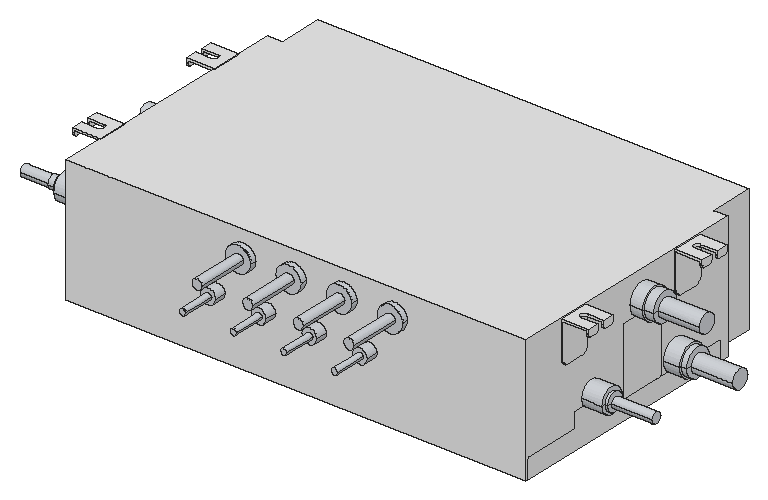
Revit family "EU_MCU_4PORT", category 기계 장비, Revit 2014
Parameters (values of type "4 PORT MODE CHANGE UNIT, 220-240V")
  Voltage [instance] = "220~240 V"
  URL = "www.samsung.com"
  Transmission Cable Min [instance] = 0.75 mm²
  Transmission Cable Max [instance] = 1.50 mm²
  Sound Pressure(Stable cooling Operation) [instance] = "36.00 dB(A)"
  Sound Pressure(Heating to Cooling Change over) [instance] = "50.00 dB(A)"
  Refrigerant Type [instance] = "R410A"
  Refrigerant Charge [instance] = 0.5 kg
  Product Name [instance] = "MODE CHANGE UNIT"
  Power Supply [instance] = 50 Hz
  Power Source Wire [instance] = 2.50 mm²
  Power Input Heating [instance] = 40 W
  Power Input Cooling [instance] = 40 W
  Phase [instance] = 1
  Outdoor Unit Refrigerant Suction Gas Connection Radius [instance] = if(1 = 1, Outdoor Unit Refrigerant Suction Gas Connection Diameter / 2, 0.00 mm)  # 14.29 mm
  Outdoor Unit Refrigerant Suction Gas Connection Offset Bottom [instance] = 50.651 mm
  Outdoor Unit Refrigerant Suction Gas Connection Offset Left [instance] = 294.769 mm
  Outdoor Unit Refrigerant Suction Gas Connection Diameter [instance] = 28.58 mm
  Outdoor Unit Refrigerant Liquid Connection Radius [instance] = if(1 = 1, Outdoor Unit Refrigerant Liquid Connection Diameter / 2, 0.00 mm)  # 7.94 mm
  Outdoor Unit Refrigerant Liquid Connection Offset Left [instance] = 128.684 mm
  Outdoor Unit Refrigerant Liquid Connection Offset Bottom [instance] = 68.524 mm
  Outdoor Unit Refrigerant Liquid Connection Diameter [instance] = 15.88 mm
  Outdoor Unit Refrigerant High Pressure Gas Connection Radius [instance] = if(1 = 1, Outdoor Unit Refrigerant High Pressure Gas Connection Diameter / 2, 0.00 mm)  # 14.29 mm
  Outdoor Unit Refrigerant High Pressure Gas Connection Offset Left [instance] = 228.769 mm
  Outdoor Unit Refrigerant High Pressure Gas Connection Offset Bottom [instance] = 158.712 mm
  Outdoor Unit Refrigerant High Pressure Gas Connection Diameter [instance] = 28.58 mm
  Operating Mode [instance] = "HEAT RECOVERY"
  Number of branches [instance] = "4 EA"
  Net Dimensions Width [instance] = 728.00 mm
  Net Dimensions Height [instance] = 199.00 mm
  Net Dimensions Depth [instance] = 469.00 mm
  built-in parameter 1010109 = ""
  Net  Weight [instance] = 24.5 kg
  Model [instance] = "MCU-S4NEK3N"
  Minimum Circuit Ampere(MCA) [instance] = 2 A
  Maximum number of connectable indoor units [instance] = "32 EA"
  Maximum number of connectable indoor unit per branch [instance] = "8 EA"
  Maximum capacity of connectable indoor units per branch(Y-Joint) [instance] = 32.00 kW
  Maximum capacity of connectable indoor units per branch [instance] = 16.00 kW
  Maximum capacity of connectable indoor units [instance] = 61.60 kW
  built-in parameter 1010108 = ""
  Maximum Over Protection(MFA) [instance] = 15 A
  Manufacturer [instance] = "SAMSUNG"
  Indoor Unit-6 Refrigerant Suction Gas Connection Radius [instance] = if(1 = 1, [Indoor Unit-6 Refrigerant Suction Gas Connection Diameter] / 2, 0.00 mm)  # 0.00 mm
  Indoor Unit-6 Refrigerant Suction Gas Connection Offset Left [instance] = 0.00 mm
  Indoor Unit-6 Refrigerant Suction Gas Connection Offset Bottom [instance] = 0.00 mm
  Indoor Unit-6 Refrigerant Suction Gas Connection Diameter [instance] = 0.00 mm
  Indoor Unit-6 Refrigerant Liquid Connection Radius [instance] = if(1 = 1, [Indoor Unit-6 Refrigerant Liquid Connection Diameter] / 2, 0.00 mm)  # 0.00 mm
  Indoor Unit-6 Refrigerant Liquid Connection Offset Left [instance] = 0.00 mm
  Indoor Unit-6 Refrigerant Liquid Connection Offset Bottom [instance] = 0.00 mm
  Indoor Unit-6 Refrigerant Liquid Connection Diameter [instance] = 0.00 mm
  Indoor Unit-5 Refrigerant Suction Gas Connection Radius [instance] = if(1 = 1, [Indoor Unit-5 Refrigerant Suction Gas Connection Diameter] / 2, 0.00 mm)  # 0.00 mm
  Indoor Unit-5 Refrigerant Suction Gas Connection Offset Left [instance] = 0.00 mm
  Indoor Unit-5 Refrigerant Suction Gas Connection Offset Bottom [instance] = 0.00 mm
  Indoor Unit-5 Refrigerant Suction Gas Connection Diameter [instance] = 0.00 mm
  Indoor Unit-5 Refrigerant Liquid Connection Radius [instance] = if(1 = 1, [Indoor Unit-5 Refrigerant Liquid Connection Diameter] / 2, 0.00 mm)  # 0.00 mm
  Indoor Unit-5 Refrigerant Liquid Connection Offset Left [instance] = 0.00 mm
  Indoor Unit-5 Refrigerant Liquid Connection Offset Bottom [instance] = 0.00 mm
  Indoor Unit-5 Refrigerant Liquid Connection Diameter [instance] = 0.00 mm
  Indoor Unit-4 Refrigerant Suction Gas Connection Radius [instance] = if(1 = 1, [Indoor Unit-4 Refrigerant Suction Gas Connection Diameter] / 2, 0.00 mm)  # 7.94 mm
  Indoor Unit-4 Refrigerant Suction Gas Connection Offset Left [instance] = 279.701 mm
  Indoor Unit-4 Refrigerant Suction Gas Connection Offset Bottom [instance] = [Indoor Unit-1 Refrigerant Suction Gas Connection Offset Bottom]  # 160.048 mm
  Indoor Unit-4 Refrigerant Suction Gas Connection Diameter [instance] = 15.88 mm
  Indoor Unit-4 Refrigerant Liquid Connection Radius [instance] = if(1 = 1, [Indoor Unit-4 Refrigerant Liquid Connection Diameter] / 2, 0.00 mm)  # 4.76 mm
  Indoor Unit-4 Refrigerant Liquid Connection Offset Left [instance] = 239.746 mm
  Indoor Unit-4 Refrigerant Liquid Connection Offset Bottom [instance] = [Indoor Unit-1 Refrigerant Liquid Connection Offset Bottom]  # 97.24 mm
  Indoor Unit-4 Refrigerant Liquid Connection Diameter [instance] = 9.52 mm
  Indoor Unit-3 Refrigerant Suction Gas Connection Radius [instance] = if(1 = 1, [Indoor Unit-3 Refrigerant Suction Gas Connection Diameter] / 2, 0.00 mm)  # 7.94 mm
  Indoor Unit-3 Refrigerant Suction Gas Connection Offset Left [instance] = 359.816 mm
  Indoor Unit-3 Refrigerant Suction Gas Connection Offset Bottom [instance] = [Indoor Unit-1 Refrigerant Suction Gas Connection Offset Bottom]  # 160.048 mm
  Indoor Unit-3 Refrigerant Suction Gas Connection Diameter [instance] = 15.88 mm
  Indoor Unit-3 Refrigerant Liquid Connection Radius [instance] = if(1 = 1, [Indoor Unit-3 Refrigerant Liquid Connection Diameter] / 2, 0.00 mm)  # 4.76 mm
  Indoor Unit-3 Refrigerant Liquid Connection Offset Left [instance] = 319.863 mm
  Indoor Unit-3 Refrigerant Liquid Connection Offset Bottom [instance] = [Indoor Unit-1 Refrigerant Liquid Connection Offset Bottom]  # 97.24 mm
  Indoor Unit-3 Refrigerant Liquid Connection Diameter [instance] = 9.52 mm
  Indoor Unit-2 Refrigerant Suction Gas Connection Radius [instance] = if(1 = 1, [Indoor Unit-2 Refrigerant Suction Gas Connection Diameter] / 2, 0.00 mm)  # 7.94 mm
  Indoor Unit-2 Refrigerant Suction Gas Connection Offset Left [instance] = 439.932 mm
  Indoor Unit-2 Refrigerant Suction Gas Connection Offset Bottom [instance] = [Indoor Unit-1 Refrigerant Suction Gas Connection Offset Bottom]  # 160.048 mm
  Indoor Unit-2 Refrigerant Suction Gas Connection Diameter [instance] = 15.88 mm
  Indoor Unit-2 Refrigerant Liquid Connection Radius [instance] = if(1 = 1, [Indoor Unit-2 Refrigerant Liquid Connection Diameter] / 2, 0.00 mm)  # 4.76 mm
  Indoor Unit-2 Refrigerant Liquid Connection Offset Left [instance] = 399.958 mm
  Indoor Unit-2 Refrigerant Liquid Connection Offset Bottom [instance] = [Indoor Unit-1 Refrigerant Liquid Connection Offset Bottom]  # 97.24 mm
  Indoor Unit-2 Refrigerant Liquid Connection Diameter [instance] = 9.52 mm
  Indoor Unit-1 Refrigerant Suction Gas Connection Radius [instance] = if(1 = 1, [Indoor Unit-1 Refrigerant Suction Gas Connection Diameter] / 2, 0.00 mm)  # 7.94 mm
  Indoor Unit-1 Refrigerant Suction Gas Connection Offset Left [instance] = 520.049 mm
  Indoor Unit-1 Refrigerant Suction Gas Connection Offset Bottom [instance] = 160.048 mm
  Indoor Unit-1 Refrigerant Suction Gas Connection Diameter [instance] = 15.88 mm
  Indoor Unit-1 Refrigerant Liquid Connection Radius [instance] = if(1 = 1, [Indoor Unit-1 Refrigerant Liquid Connection Diameter] / 2, 0.00 mm)  # 4.76 mm
  Indoor Unit-1 Refrigerant Liquid Connection Offset Left [instance] = 480.058 mm
  Indoor Unit-1 Refrigerant Liquid Connection Offset Bottom [instance] = 97.24 mm
  Indoor Unit-1 Refrigerant Liquid Connection Diameter [instance] = 9.52 mm
  Heating Operation Limit Min [instance] = -25 °C
  Heating Operation Limit Max [instance] = 24 °C
  Current Input Heating [instance] = 0.2 A
  Current Input Cooling [instance] = 0.2 A
  Cooling Operation Limit Min [instance] = -15 °C
  Cooling Operation Limit Max [instance] = 48 °C
  -15 ℃ Operation(2Port) [instance] = "Below 5~16 kW"
  -15 ℃ Operation(1Port) [instance] = "Below 5 kW"
Reference planes
  plane 1 "Center (Front/Back)": y = 0
  plane 2 "base": z = 0
  plane 3 "Center (Left/Right)": x = 0
  plane 4: x = -364
  plane 5: x = 364
  plane 6: y = 234.5
  plane 7: y = -234.5
  plane 8: z = 199
  plane 9 "PIPE0": z = 68.524
  plane 10: y = -105.816
  plane 11: y = -5.731
  plane 12 "HGAS0": z = 158.712
  plane 13: y = 60.269
  plane 14 "GAS0": z = 50.651
  plane 15 "GAS16": z = 160.048
  plane 16 "PIPE16": z = 97.24
  plane 17: x = -284.487
  plane 18: x = -244.532
  plane 19: x = -164.415
  plane 20: x = -84.299
  plane 21: x = -4.184
  plane 22: x = 75.932
  plane 23: x = 156.049
  plane 24: x = -204.37
  plane 25: x = -124.254
  plane 26: x = -44.137
  plane 27: x = 35.958
  plane 28: x = 116.058
Forms (mm)
  Extrusion 1, solid, material "Body"
    sketch origin (0, 0, 0) x (1, 0, 0) y (0, 1, 0)
      loop
        line (-340.917, 234.5) -> (-340.917, 165.251) -> (-364.048, 165.251) -> (-364.048, -234.5) -> (364, -234.5) -> (364, 165.251) -> (340.92, 165.251) -> (340.92, 234.5) -> (-340.917, 234.5)
    from 0 to 199
  Extrusion 2, solid, material "Body"
    sketch origin (0, 0, 0) x (0, 1, 0) y (0, 0, 1)
      loop
        line (-231.497, 0) -> (148.387, 0) -> (148.387, 28.036)
        arc (148.387, 28.036) -> (147.508, 30.16) -> (145.384, 31.04) r 3.003
        line (145.384, 31.04) -> (-71.993, 31.04) -> (-71.993, 56.071) -> (-138.678, 56.071) -> (-138.678, 31.04) -> (-228.493, 31.04)
        arc (-228.493, 31.04) -> (-230.617, 30.16) -> (-231.497, 28.036) r 3.003
        line (-231.497, 28.036) -> (-231.497, 0)
      loop
        line (-42.557, 138.391) -> (-42.557, 36.36)
        arc (-42.557, 36.36) -> (-41.09, 32.818) -> (-37.548, 31.351) r 5.009
        line (-37.548, 31.351) -> (26.128, 31.351)
        arc (26.128, 31.351) -> (29.67, 32.818) -> (31.137, 36.36) r 5.009
        line (31.137, 36.36) -> (31.137, 138.391) -> (-42.557, 138.391)
    from 364 to 365
  Revolve 3, solid
    sketch origin (0, 0, 50.651) x (0, -1, 0) y (1, 0, 0)
      loop
        line (-60.269, 400.596) -> (-60.269, 364) -> (-36.286, 364) -> (-36.286, 391.041) -> (-38.294, 391.041) -> (-38.294, 400.596) -> (-60.269, 400.596)
      axis (-60.269, 364) -> (-60.269, 400.596)
    angle from 0 to 360
  Revolve 4, solid
    sketch origin (0, 0, 158.712) x (0, -1, 0) y (1, 0, 0)
      loop
        line (5.731, 401.215) -> (5.731, 364) -> (29.845, 364) -> (29.845, 385.528) -> (27.859, 385.528) -> (27.859, 401.215) -> (5.731, 401.215)
      axis (5.731, 364) -> (5.731, 401.215)
    angle from 0 to 360
  Revolve 5, solid
    sketch origin (0, 0, 68.524) x (0, -1, 0) y (1, 0, 0)
      loop
        line (105.816, 364) -> (105.816, 402.273) -> (91.544, 402.273) -> (91.544, 397.255) -> (86.526, 397.255) -> (86.526, 364) -> (105.816, 364)
      axis (105.816, 364) -> (105.816, 402.273)
    angle from 0 to 360
  Extrusion 6, solid
    sketch origin (0, 0, 0) x (0, 1, 0) y (0, 0, 1)
      loop
        circle (-105.816, 68.524) r 7.94
    from 402.273 to 467.506
  Extrusion 7, solid
    sketch origin (0, 0, 0) x (0, 1, 0) y (0, 0, 1)
      loop
        circle (-5.731, 158.712) r 14.29
    from 401.215 to 467.506
  Extrusion 8, solid
    sketch origin (0, 0, 0) x (0, 1, 0) y (0, 0, 1)
      loop
        circle (60.269, 50.651) r 14.29
    from 400.596 to 467.506
  Extrusion 9, solid
    sketch origin (160.233, 0, 0) x (1, 0, 0) y (0, 0, 1)
      loop
        circle (-244.532, 160.048) r 20
    from 234.5 to 243.607
  Extrusion 10, solid
    sketch origin (240.348, 0, 0) x (1, 0, 0) y (0, 0, 1)
      loop
        circle (-244.532, 160.048) r 20
    from 234.5 to 243.607
  Extrusion 11, solid
    sketch origin (320.464, 0, 0) x (1, 0, 0) y (0, 0, 1)
      loop
        circle (-244.532, 160.048) r 20
    from 234.5 to 243.607
  Extrusion 12, solid
    sketch origin (400.581, 0, 0) x (1, 0, 0) y (0, 0, 1)
      loop
        circle (-244.532, 160.048) r 20
    from 234.5 to 243.607
  Extrusion 13, solid
    sketch origin (160.233, 0, 0) x (1, 0, 0) y (0, 0, 1)
      loop
        circle (-284.487, 97.24) r 11.578
    from 234.5 to 252.666
  Extrusion 14, solid
    sketch origin (240.35, 0, 0) x (1, 0, 0) y (0, 0, 1)
      loop
        circle (-284.487, 97.24) r 11.578
    from 234.5 to 252.666
  Extrusion 15, solid
    sketch origin (320.445, 0, 0) x (1, 0, 0) y (0, 0, 1)
      loop
        circle (-284.487, 97.24) r 11.578
    from 234.5 to 252.666
  Extrusion 16, solid
    sketch origin (400.545, 0, 0) x (1, 0, 0) y (0, 0, 1)
      loop
        circle (-284.487, 97.24) r 11.578
    from 234.5 to 252.666
  Extrusion 17, solid
    sketch origin (0, 0, 0) x (1, 0, 0) y (0, 0, 1)
      loop
        circle (-124.254, 97.24) r 4.76
      loop
        circle (-44.137, 97.24) r 4.76
      loop
        circle (35.958, 97.24) r 4.76
      loop
        circle (116.058, 97.24) r 4.76
    from 252.666 to 302.867
  Extrusion 18, solid
    sketch origin (0, 0, 0) x (1, 0, 0) y (0, 0, 1)
      loop
        circle (-84.299, 160.048) r 7.94
      loop
        circle (-4.184, 160.048) r 7.94
      loop
        circle (75.932, 160.048) r 7.94
      loop
        circle (156.049, 160.048) r 7.94
    from 243.607 to 324.292
  Revolve 19, solid
    sketch origin (0, 0, 97.24) x (-1, 0, 0) y (0, -1, 0)
      loop
        line (400.263, -44.793) -> (400.263, -37.324) -> (391.648, -37.324) -> (391.648, -36.241) -> (364, -36.241) -> (364, -60.269) -> (471.974, -60.269) -> (471.974, -44.793) -> (400.263, -44.793)
      axis (471.974, -60.269) -> (364, -60.269)
    angle from 0 to 360
  Revolve 20, solid
    sketch origin (0, 0, 50.651) x (0, -1, 0) y (1, 0, 0)
      loop
        line (5.731, -471.952) -> (21.578, -471.952) -> (21.578, -400.263) -> (29.867, -400.263) -> (29.867, -364) -> (5.731, -364) -> (5.731, -471.952)
      axis (5.731, -471.952) -> (5.731, -364)
    angle from 0 to 360
  Revolve 21, solid
    sketch origin (0, 0, 68.524) x (0, -1, 0) y (1, 0, 0)
      loop
        line (105.816, -532.396) -> (114.586, -532.396) -> (114.586, -487.233) -> (115.701, -487.233) -> (115.701, -474.186) -> (121.672, -474.186) -> (121.672, -469.171) -> (126.69, -469.171) -> (126.69, -364.048) -> (105.816, -364.048) -> (105.816, -532.396)
      axis (105.816, -532.396) -> (105.816, -364.048)
    angle from 0 to 360
Lines and regions (mm)
  model lines, not visible
    curve 1: arc (195.594, -165, 1319.842) -> (200.975, -165, 1322.29) -> (206.401, -165, 1324.635) r 309.246
    curve 2: arc (187.783, -165, 1316.133) -> (191.645, -165, 1318.08) -> (195.594, -165, 1319.842) r 91.892
    curve 3: arc (183.29, -165, 1313.637) -> (185.513, -165, 1314.928) -> (187.783, -165, 1316.133) r 67.043
    curve 4: arc (180.377, -165, 1311.624) -> (181.826, -165, 1312.641) -> (183.29, -165, 1313.637) r 121.609
    curve 5: arc (177.43, -165, 1309.404) -> (178.883, -165, 1310.542) -> (180.377, -165, 1311.624) r 48.689
    curve 6: arc (174.608, -165, 1307.049) -> (175.983, -165, 1308.27) -> (177.43, -165, 1309.404) r 29.649
    curve 7: arc (172.38, -165, 1304.752) -> (173.454, -165, 1305.939) -> (174.608, -165, 1307.049) r 22.979
    curve 8: arc (170.712, -165, 1302.508) -> (171.5, -165, 1303.664) -> (172.38, -165, 1304.752) r 17.124
    curve 9: arc (169.537, -165, 1300.289) -> (170.066, -165, 1301.43) -> (170.712, -165, 1302.508) r 11.876
    curve 10: arc (168.855, -165, 1298.11) -> (169.127, -165, 1299.221) -> (169.537, -165, 1300.289) r 9.086
    curve 11: arc (168.724, -165, 1295.997) -> (168.722, -165, 1297.058) -> (168.855, -165, 1298.11) r 8.267
    curve 12: arc (169.118, -165, 1293.959) -> (168.862, -165, 1294.967) -> (168.724, -165, 1295.997) r 8.908
    curve 13: arc (170.049, -165, 1292.008) -> (169.536, -165, 1292.961) -> (169.118, -165, 1293.959) r 11.032
    curve 14: arc (171.482, -165, 1290.151) -> (170.729, -165, 1291.052) -> (170.049, -165, 1292.008) r 15.106
    curve 15: arc (173.425, -165, 1288.401) -> (172.427, -165, 1289.247) -> (171.482, -165, 1290.151) r 21.501
    curve 16: arc (175.833, -165, 1286.762) -> (174.609, -165, 1287.553) -> (173.425, -165, 1288.401) r 30.601
    curve 17: arc (178.7, -165, 1285.244) -> (177.252, -165, 1285.976) -> (175.833, -165, 1286.762) r 42.727
    curve 18: arc (181.975, -165, 1283.846) -> (180.327, -165, 1284.52) -> (178.7, -165, 1285.244) r 57.776
    curve 19: arc (185.642, -165, 1282.578) -> (183.801, -165, 1283.189) -> (181.975, -165, 1283.846) r 76.022
    curve 20: arc (189.65, -165, 1281.435) -> (187.64, -165, 1281.985) -> (185.642, -165, 1282.578) r 97.926
    curve 21: arc (193.978, -165, 1280.422) -> (191.81, -165, 1280.909) -> (189.65, -165, 1281.435) r 124.368
    curve 22: arc (198.563, -165, 1279.532) -> (196.267, -165, 1279.959) -> (193.978, -165, 1280.422) r 146.449
    curve 23: arc (203.387, -165, 1278.768) -> (200.972, -165, 1279.133) -> (198.563, -165, 1279.532) r 171.678
    curve 24: arc (208.517, -165, 1278.111) -> (205.95, -165, 1278.423) -> (203.387, -165, 1278.768) r 205.135
    curve 25: arc (214.051, -165, 1277.556) -> (211.282, -165, 1277.817) -> (208.517, -165, 1278.111) r 233.448
    curve 26: arc (219.975, -165, 1277.105) -> (217.012, -165, 1277.314) -> (214.051, -165, 1277.556) r 268.023
    curve 27: arc (226.291, -165, 1276.774) -> (223.132, -165, 1276.923) -> (219.975, -165, 1277.105) r 304.233
    curve 28: arc (232.968, -165, 1276.566) -> (229.629, -165, 1276.654) -> (226.291, -165, 1276.774) r 343.121
    curve 29: arc (240, -165, 1276.492) -> (236.484, -165, 1276.513) -> (232.968, -165, 1276.566) r 378.704
    curve 30: arc (247.347, -165, 1276.551) -> (243.674, -165, 1276.505) -> (240, -165, 1276.492) r 416.052
    curve 31: arc (254.991, -165, 1276.756) -> (251.17, -165, 1276.637) -> (247.347, -165, 1276.551) r 449.8
    curve 32: arc (262.884, -165, 1277.101) -> (258.939, -165, 1276.912) -> (254.991, -165, 1276.756) r 482.662
    curve 33: arc (270.997, -165, 1277.596) -> (266.942, -165, 1277.332) -> (262.884, -165, 1277.101) r 510.257
    curve 34: arc (279.276, -165, 1278.232) -> (275.138, -165, 1277.898) -> (270.997, -165, 1277.596) r 534.514
    curve 35: arc (287.683, -165, 1279.015) -> (283.481, -165, 1278.608) -> (279.276, -165, 1278.232) r 553.014
    curve 36: arc (296.163, -165, 1279.935) -> (291.925, -165, 1279.459) -> (287.683, -165, 1279.015) r 565.829
    curve 37: arc (304.67, -165, 1280.992) -> (300.418, -165, 1280.448) -> (296.163, -165, 1279.935) r 573.124
    curve 38: arc (313.153, -165, 1282.173) -> (308.914, -165, 1281.567) -> (304.67, -165, 1280.992) r 572.829
    curve 39: arc (321.562, -165, 1283.476) -> (317.36, -165, 1282.809) -> (313.153, -165, 1282.173) r 567.911
    curve 40: arc (329.854, -165, 1284.886) -> (325.711, -165, 1284.166) -> (321.562, -165, 1283.476) r 555.278
    curve 41: arc (337.977, -165, 1286.397) -> (333.918, -165, 1285.626) -> (329.854, -165, 1284.886) r 540.479
    curve 42: arc (345.899, -165, 1287.994) -> (341.942, -165, 1287.18) -> (337.977, -165, 1286.397) r 515.558
    curve 43: arc (353.573, -165, 1289.667) -> (349.74, -165, 1288.815) -> (345.899, -165, 1287.994) r 488.161
    curve 44: arc (360.978, -165, 1291.404) -> (357.279, -165, 1290.52) -> (353.573, -165, 1289.667) r 460.471
    curve 45: arc (368.073, -165, 1293.194) -> (364.529, -165, 1292.284) -> (360.978, -165, 1291.404) r 440.452
    curve 46: arc (374.846, -165, 1295.02) -> (371.464, -165, 1294.092) -> (368.073, -165, 1293.194) r 391.802
    curve 47: arc (381.262, -165, 1296.872) -> (378.059, -165, 1295.93) -> (374.846, -165, 1295.02) r 331.309
    curve 48: line (387.339, -165, 1298.749) -> (381.262, -165, 1296.872)
    curve 49: arc (406.992, -165, 1306.046) -> (400.756, -165, 1303.532) -> (394.479, -165, 1301.124) r 397.928
    curve 50: arc (416.144, -165, 1309.892) -> (411.607, -165, 1307.876) -> (406.992, -165, 1306.046) r 121.956
    curve 51: arc (421.525, -165, 1312.518) -> (418.856, -165, 1311.161) -> (416.144, -165, 1309.892) r 91.735
    curve 52: arc (425.128, -165, 1314.665) -> (423.334, -165, 1313.58) -> (421.525, -165, 1312.518) r 164.173
    curve 53: arc (428.811, -165, 1317.042) -> (426.989, -165, 1315.824) -> (425.128, -165, 1314.665) r 67.791
    curve 54: arc (432.383, -165, 1319.569) -> (430.63, -165, 1318.259) -> (428.811, -165, 1317.042) r 41.777
    curve 55: arc (435.298, -165, 1322.049) -> (433.877, -165, 1320.766) -> (432.383, -165, 1319.569) r 32.257
    curve 56: arc (441.061, -165, 1331.584) -> (440.862, -165, 1330.411) -> (440.506, -165, 1329.275) r 8.779
    curve 57: arc (440.506, -165, 1329.275) -> (439.989, -165, 1328.05) -> (439.325, -165, 1326.898) r 10.886
    curve 58: arc (439.325, -165, 1326.898) -> (438.514, -165, 1325.648) -> (437.587, -165, 1324.483) r 15.562
    curve 59: arc (437.587, -165, 1324.483) -> (436.486, -165, 1323.225) -> (435.298, -165, 1322.049) r 23.512
    curve 60: arc (441.015, -165, 1333.815) -> (441.113, -165, 1332.701) -> (441.061, -165, 1331.584) r 8.408
    curve 61: arc (440.355, -165, 1335.951) -> (440.747, -165, 1334.902) -> (441.015, -165, 1333.815) r 9.661
    curve 62: arc (439.117, -165, 1337.984) -> (439.783, -165, 1336.996) -> (440.355, -165, 1335.951) r 12.903
    curve 63: arc (437.295, -165, 1339.897) -> (438.24, -165, 1338.973) -> (439.117, -165, 1337.984) r 18.535
    curve 64: arc (434.939, -165, 1341.686) -> (436.142, -165, 1340.823) -> (437.295, -165, 1339.897) r 27.033
    curve 65: arc (432.06, -165, 1343.338) -> (433.517, -165, 1342.543) -> (434.939, -165, 1341.686) r 38.822
    curve 66: arc (428.716, -165, 1344.854) -> (430.401, -165, 1344.124) -> (432.06, -165, 1343.338) r 53.845
    curve 67: arc (424.931, -165, 1346.224) -> (426.833, -165, 1345.565) -> (428.716, -165, 1344.854) r 72.44
    curve 68: arc (420.762, -165, 1347.453) -> (422.853, -165, 1346.862) -> (424.931, -165, 1346.224) r 95.068
    curve 69: arc (416.239, -165, 1348.536) -> (418.506, -165, 1348.016) -> (420.762, -165, 1347.453) r 122.777
    curve 70: arc (411.434, -165, 1349.48) -> (413.841, -165, 1349.028) -> (416.239, -165, 1348.536) r 145.634
    curve 71: arc (406.372, -165, 1350.284) -> (408.906, -165, 1349.901) -> (411.434, -165, 1349.48) r 171.922
    curve 72: arc (400.971, -165, 1350.969) -> (403.674, -165, 1350.644) -> (406.372, -165, 1350.284) r 207.343
    curve 73: arc (395.117, -165, 1351.543) -> (398.046, -165, 1351.275) -> (400.971, -165, 1350.969) r 236.909
    curve 74: arc (388.823, -165, 1352.001) -> (391.971, -165, 1351.79) -> (395.117, -165, 1351.543) r 273.522
    curve 75: arc (382.085, -165, 1352.325) -> (385.455, -165, 1352.181) -> (388.823, -165, 1352.001) r 311.841
    curve 76: arc (374.941, -165, 1352.511) -> (378.513, -165, 1352.436) -> (382.085, -165, 1352.325) r 353.101
    curve 77: arc (367.395, -165, 1352.546) -> (371.168, -165, 1352.547) -> (374.941, -165, 1352.511) r 390.355
    curve 78: arc (359.495, -165, 1352.429) -> (363.444, -165, 1352.505) -> (367.395, -165, 1352.546) r 429.401
    curve 79: arc (342.759, -165, 1351.705) -> (347.011, -165, 1351.944) -> (351.264, -165, 1352.147) r 497.155
    curve 80: arc (334.019, -165, 1351.093) -> (338.388, -165, 1351.417) -> (342.759, -165, 1351.705) r 523.922
    curve 81: arc (325.105, -165, 1350.32) -> (329.56, -165, 1350.725) -> (334.019, -165, 1351.093) r 546.438
    curve 82: arc (316.068, -165, 1349.381) -> (320.585, -165, 1349.869) -> (325.105, -165, 1350.32) r 562.058
    curve 83: arc (306.973, -165, 1348.289) -> (311.519, -165, 1348.853) -> (316.068, -165, 1349.381) r 570.808
    curve 84: arc (297.879, -165, 1347.045) -> (302.424, -165, 1347.685) -> (306.973, -165, 1348.289) r 573.187
    curve 85: arc (288.846, -165, 1345.663) -> (293.36, -165, 1346.372) -> (297.879, -165, 1347.045) r 566.808
    curve 86: arc (279.935, -165, 1344.149) -> (284.387, -165, 1344.924) -> (288.846, -165, 1345.663) r 555.457
    curve 87: arc (271.197, -165, 1342.521) -> (275.562, -165, 1343.353) -> (279.935, -165, 1344.149) r 535.611
    curve 88: arc (262.692, -165, 1340.788) -> (266.941, -165, 1341.673) -> (271.197, -165, 1342.521) r 513.885
    curve 89: arc (254.458, -165, 1338.968) -> (258.571, -165, 1339.896) -> (262.692, -165, 1340.788) r 481.756
    curve 90: arc (246.548, -165, 1337.073) -> (250.498, -165, 1338.038) -> (254.458, -165, 1338.968) r 447.901
    curve 91: arc (231.805, -165, 1333.12) -> (235.389, -165, 1334.137) -> (238.982, -165, 1335.119) r 389.27
    curve 92: arc (238.982, -165, 1335.119) -> (242.76, -165, 1336.114) -> (246.548, -165, 1337.073) r 414.22
    curve 93: arc (351.264, -165, 1352.147) -> (355.379, -165, 1352.306) -> (359.495, -165, 1352.429) r 463.961
    curve 94: line (212.744, -165, 1327.003) -> (218.679, -165, 1329.055)
    curve 95: arc (218.679, -165, 1329.055) -> (221.846, -165, 1330.094) -> (225.026, -165, 1331.094) r 275.24
    curve 96: arc (225.026, -165, 1331.094) -> (228.41, -165, 1332.125) -> (231.805, -165, 1333.12) r 337.122
    curve 97: line (240.576, -165, 1320.247) -> (243.349, -165, 1298.748)
    curve 98: line (243.349, -165, 1298.748) -> (251.269, -165, 1298.748)
    curve 99: line (251.269, -165, 1298.748) -> (246.46, -165, 1327.035)
    curve 100: line (246.46, -165, 1327.035) -> (234.014, -165, 1327.035)
    curve 101: line (234.014, -165, 1327.035) -> (229.205, -165, 1298.748)
    curve 102: line (229.205, -165, 1298.748) -> (237.125, -165, 1298.748)
    curve 103: line (237.125, -165, 1298.748) -> (239.898, -165, 1320.247)
    curve 104: line (271.428, -165, 1311.76) -> (268.883, -165, 1327.035)
    curve 105: line (268.883, -165, 1327.035) -> (256.436, -165, 1327.035)
    curve 106: line (256.436, -165, 1327.035) -> (256.436, -165, 1298.748)
    curve 107: line (256.436, -165, 1298.748) -> (263.791, -165, 1298.748)
    curve 108: line (263.791, -165, 1298.748) -> (263.791, -165, 1319.907)
    curve 109: line (274.54, -165, 1327.035) -> (271.994, -165, 1311.76)
    curve 110: line (275.672, -165, 1298.748) -> (279.066, -165, 1319.907)
    curve 111: line (279.632, -165, 1319.907) -> (279.632, -165, 1298.748)
    curve 112: line (286.986, -165, 1298.748) -> (286.986, -165, 1327.035)
    curve 113: line (279.632, -165, 1298.748) -> (286.986, -165, 1298.748)
    curve 114: line (264.357, -165, 1319.907) -> (267.751, -165, 1298.748)
    curve 115: line (267.751, -165, 1298.748) -> (275.672, -165, 1298.748)
    curve 116: line (286.986, -165, 1327.035) -> (274.54, -165, 1327.035)
    curve 117: line (340.32, -165, 1306.669) -> (340.32, -165, 1327.035)
    curve 118: line (340.32, -165, 1327.035) -> (332.399, -165, 1327.035)
    curve 119: line (332.399, -165, 1327.035) -> (332.399, -165, 1306.669)
    curve 120: arc (332.399, -165, 1306.669) -> (330.136, -165, 1304.406) -> (327.873, -165, 1306.669) r 2.263
    curve 121: line (327.873, -165, 1306.669) -> (327.873, -165, 1327.035)
    curve 122: line (327.873, -165, 1327.035) -> (319.953, -165, 1327.035)
    curve 123: line (319.953, -165, 1327.035) -> (319.953, -165, 1306.669)
    curve 124: line (363.833, -165, 1309.497) -> (356.817, -165, 1327.035)
    curve 125: line (356.817, -165, 1327.035) -> (347.426, -165, 1327.035)
    curve 126: line (347.426, -165, 1327.035) -> (347.426, -165, 1298.748)
    curve 127: line (347.426, -165, 1298.748) -> (354.441, -165, 1298.748)
    curve 128: line (354.441, -165, 1298.748) -> (354.441, -165, 1316.286)
    curve 129: line (364.172, -165, 1327.035) -> (364.172, -165, 1309.497)
    curve 130: line (371.187, -165, 1327.035) -> (364.172, -165, 1327.035)
    curve 131: line (371.187, -165, 1298.748) -> (371.187, -165, 1327.035)
    curve 132: line (361.796, -165, 1298.748) -> (371.187, -165, 1298.748)
    curve 133: line (354.781, -165, 1316.286) -> (361.796, -165, 1298.748)
    curve 134: line (377.89, -165, 1319.398) -> (377.89, -165, 1306.386)
    curve 135: line (385.527, -165, 1306.386) -> (385.527, -165, 1319.398)
    curve 136: arc (389.487, -165, 1319.398) -> (387.507, -165, 1321.378) -> (385.527, -165, 1319.398) r 1.98
    curve 137: arc (385.527, -165, 1306.386) -> (387.507, -165, 1304.406) -> (389.487, -165, 1306.386) r 1.98
    curve 138: line (387.507, -165, 1313.458) -> (387.507, -165, 1309.497)
    curve 139: line (387.507, -165, 1309.497) -> (389.487, -165, 1309.497)
    curve 140: line (389.487, -165, 1309.497) -> (389.487, -165, 1306.386)
    curve 141: line (397.125, -165, 1313.458) -> (387.507, -165, 1313.458)
    curve 142: line (397.125, -165, 1305.954) -> (397.125, -165, 1313.458)
    curve 143: line (397.125, -165, 1317.418) -> (397.125, -165, 1319.398)
    curve 144: line (389.487, -165, 1319.398) -> (389.487, -165, 1317.418)
    curve 145: line (389.487, -165, 1317.418) -> (397.125, -165, 1317.418)
    curve 146: arc (377.89, -165, 1319.398) -> (387.507, -165, 1327.035) -> (397.125, -165, 1319.398) r 9.874
    curve 147: arc (377.89, -165, 1306.386) -> (381.112, -165, 1300.708) -> (387.339, -165, 1298.749) r 8.913
    curve 148: arc (394.479, -165, 1301.124) -> (396.296, -165, 1303.268) -> (397.125, -165, 1305.954) r 7.016
    curve 149: line (312.844, -165, 1320.247) -> (312.844, -165, 1316.852)
    curve 150: line (312.844, -165, 1316.852) -> (305.49, -165, 1316.852)
    curve 151: line (305.49, -165, 1316.852) -> (305.49, -165, 1319.115)
    curve 152: arc (305.49, -165, 1319.115) -> (302.07, -165, 1321.06) -> (302.145, -165, 1317.127) r 2.263
    curve 153: line (302.145, -165, 1317.127) -> (310.231, -165, 1312.728)
    curve 154: arc (319.953, -165, 1306.669) -> (330.136, -165, 1298.748) -> (340.32, -165, 1306.669) r 10.507
    curve 155: line (296.934, -165, 1312.849) -> (304.358, -165, 1308.628)
    curve 156: arc (300.964, -165, 1306.669) -> (304.358, -165, 1304.709) -> (304.358, -165, 1308.628) r 2.263
    curve 157: line (313.41, -165, 1305.537) -> (313.41, -165, 1307.8)
    curve 158: line (293.043, -165, 1308.932) -> (293.043, -165, 1305.537)
    curve 159: line (300.964, -165, 1308.932) -> (293.043, -165, 1308.932)
    curve 160: line (300.964, -165, 1306.669) -> (300.964, -165, 1308.932)
    curve 161: line (293.609, -165, 1320.247) -> (293.609, -165, 1317.984)
    curve 162: arc (293.609, -165, 1320.247) -> (303.227, -165, 1327.036) -> (312.844, -165, 1320.247) r 10.207
    curve 163: arc (293.043, -165, 1305.537) -> (303.227, -165, 1298.748) -> (313.41, -165, 1305.537) r 11.032
    curve 164: arc (310.231, -165, 1312.728) -> (312.449, -165, 1310.67) -> (313.41, -165, 1307.8) r 6.121
    curve 165: arc (296.934, -165, 1312.849) -> (294.064, -165, 1316.005) -> (293.609, -165, 1320.247) r 6.87
    curve 166: line (211.427, -165, 1308.932) -> (203.507, -165, 1308.932)
    curve 167: arc (211.427, -165, 1306.67) -> (214.859, -165, 1304.732) -> (214.745, -165, 1308.672) r 2.263
    curve 168: line (211.427, -165, 1306.67) -> (211.427, -165, 1308.932)
    curve 169: line (203.507, -165, 1308.932) -> (203.507, -165, 1305.537)
    curve 170: line (223.874, -165, 1305.537) -> (223.874, -165, 1307.8)
    curve 171: line (220.694, -165, 1312.728) -> (212.609, -165, 1317.127)
    curve 172: arc (215.953, -165, 1319.116) -> (212.534, -165, 1321.062) -> (212.609, -165, 1317.128) r 2.263
    curve 173: line (215.953, -165, 1319.116) -> (215.953, -165, 1316.852)
    curve 174: line (215.953, -165, 1316.852) -> (223.308, -165, 1316.852)
    curve 175: line (223.308, -165, 1316.852) -> (223.308, -165, 1320.247)
    curve 176: line (204.042, -165, 1320.244) -> (204.042, -165, 1317.984)
    curve 177: arc (223.308, -165, 1320.247) -> (219.662, -165, 1326.182) -> (212.744, -165, 1327.003) r 7.992
    curve 178: arc (204.042, -165, 1320.244) -> (204.669, -165, 1322.736) -> (206.401, -165, 1324.635) r 5.266
    curve 179: arc (203.507, -165, 1305.537) -> (213.69, -165, 1298.732) -> (223.874, -165, 1305.537) r 11.022
    curve 180: arc (223.874, -165, 1307.8) -> (222.913, -165, 1310.67) -> (220.694, -165, 1312.728) r 6.121
    curve 181: line (207.398, -165, 1312.849) -> (214.745, -165, 1308.672)
    curve 182: arc (207.398, -165, 1312.849) -> (205.098, -165, 1315.01) -> (204.042, -165, 1317.984) r 6.706
Dimensions and locks
  equal spacing: plane 6, plane 1 "Center (Front/Back)", plane 7
  "Net Dimensions Depth": plane 6 to plane 7
  equal spacing: plane 4, plane 3 "Center (Left/Right)", plane 5
  "Net Dimensions Width": plane 4 to plane 5
  "Net Dimensions Height": plane 8 to plane 2 "base"
  locked: plane 4 to Extrusion 1 sketch curve at 23.083
  locked: Extrusion 1 sketch curve to plane 5 at 23.08
  locked: plane 5 to Extrusion 2 at 1
  locked: Extrusion 6 to Extrusion 6 at 65.233
  "Outdoor Unit Refrigerant Liquid Connection Offset Left": plane 7 to plane 10
  "Outdoor Unit Refrigerant High Pressure Gas Connection Offset Left": plane 7 to plane 11
  "Outdoor Unit Refrigerant Suction Gas Connection Offset Left": plane 7 to plane 13
  "Outdoor Unit Refrigerant Suction Gas Connection Offset Bottom": plane 14 "GAS0" to level
  "Outdoor Unit Refrigerant Liquid Connection Offset Bottom": plane 9 "PIPE0" to level
  "Outdoor Unit Refrigerant High Pressure Gas Connection Offset Bottom": plane 12 "HGAS0" to level
  locked: plane 5 to Revolve 5 at 38.273
  locked: plane 5 to Revolve 4 at 37.215
  locked: plane 5 to Revolve 3 at 36.596
  "Indoor Unit-4 Refrigerant Liquid Connection Offset Left": plane 25 to plane 4
  "Indoor Unit-3 Refrigerant Liquid Connection Offset Left": plane 26 to plane 4
  "Indoor Unit-2 Refrigerant Liquid Connection Offset Left": plane 27 to plane 4
  "Indoor Unit-1 Refrigerant Liquid Connection Offset Left": plane 28 to plane 4
  "Indoor Unit-4 Refrigerant Suction Gas Connection Offset Left": plane 20 to plane 4
  "Indoor Unit-3 Refrigerant Suction Gas Connection Offset Left": plane 21 to plane 4
  "Indoor Unit-2 Refrigerant Suction Gas Connection Offset Left": plane 22 to plane 4
  "Indoor Unit-1 Refrigerant Suction Gas Connection Offset Left": plane 23 to plane 4
  "Indoor Unit-1 Refrigerant Liquid Connection Offset Bottom": plane 16 "PIPE16" to level
  "Indoor Unit-1 Refrigerant Suction Gas Connection Offset Bottom": plane 15 "GAS16" to level
  "Outdoor Unit Refrigerant Liquid Connection Diameter": diameter of Extrusion 6 sketch curve
  "Outdoor Unit Refrigerant High Pressure Gas Connection Diameter": diameter of Extrusion 7 sketch curve
  "Outdoor Unit Refrigerant Suction Gas Connection Diameter": diameter of Extrusion 8 sketch curve
  "Indoor Unit-4 Refrigerant Liquid Connection Diameter": diameter of Extrusion 17 sketch curve
  "Indoor Unit-3 Refrigerant Liquid Connection Diameter": diameter of Extrusion 17 sketch curve
  "Indoor Unit-4 Refrigerant Suction Gas Connection Diameter": diameter of Extrusion 18 sketch curve
  "Indoor Unit-3 Refrigerant Suction Gas Connection Diameter": diameter of Extrusion 18 sketch curve
  "Indoor Unit-2 Refrigerant Suction Gas Connection Diameter": diameter of Extrusion 18 sketch curve
  "Indoor Unit-1 Refrigerant Suction Gas Connection Diameter": diameter of Extrusion 18 sketch curve
  "Indoor Unit-2 Refrigerant Liquid Connection Diameter": diameter of Extrusion 17 sketch curve
  "Indoor Unit-1 Refrigerant Liquid Connection Diameter": diameter of Extrusion 17 sketch curve
  aligned and locked: level to plane 2 "base"
  aligned and locked: Extrusion 1 sketch curve to plane 7
  aligned and locked: plane 8 to Extrusion 1
  aligned and locked: Extrusion 2 to plane 5
  aligned and locked: Extrusion 1 to Revolve 3 sketch curve
  aligned and locked: Revolve 5 to plane 5
  aligned and locked: plane 5 to Revolve 4
  aligned and locked: Extrusion 7 to Revolve 4
  aligned and locked: Extrusion 6 to Extrusion 7
  aligned and locked: Extrusion 8 to Revolve 3
  aligned and locked: Extrusion 6 to Extrusion 8
  aligned and locked: plane 8 to nested 2
  aligned and locked: plane 5 to nested 1
  aligned and locked: plane 5 to nested 2
  aligned and locked: plane 4 to nested 4
  aligned and locked: plane 4 to nested 3
  aligned and locked: Extrusion 10 to Extrusion 11
  aligned and locked: Extrusion 11 to Extrusion 12
  aligned and locked: Extrusion 13 to Extrusion 14
  aligned and locked: Extrusion 14 to Extrusion 15
  aligned and locked: Extrusion 15 to Extrusion 16
  aligned and locked: Revolve 19 sketch curve to plane 4
  aligned and locked: plane 4 to Revolve 20
  aligned and locked: plane 4 to Revolve 19
  aligned and locked: Revolve 5 to Extrusion 6
Automatic sketch dimensions
  Extrusion 1 sketch curve to plane 6 = 69.249 mm  (x2)
  Extrusion 2 sketch curve to level = 0.00 mm
  plane 7 to Extrusion 2 sketch curve = 3.003 mm
  Extrusion 2 sketch curve to Extrusion 2 sketch curve = 3.003 mm  (x2)
  Extrusion 2 sketch curve to plane 10 = 32.863 mm
  plane 14 "GAS0" to Extrusion 2 sketch curve = 5.42 mm
  plane 10 to Extrusion 2 sketch curve = 33.822 mm
  Extrusion 2 sketch curve to plane 11 = 36.826 mm
  Extrusion 2 sketch curve to Extrusion 2 sketch curve = 5.009 mm
  Extrusion 2 sketch curve to plane 1 "Center (Front/Back)" = 26.128 mm
  Extrusion 2 sketch curve to plane 13 = 29.132 mm
  Extrusion 2 sketch curve to plane 14 "GAS0" = 22.614 mm  (x2)
  plane 13 to Extrusion 2 sketch curve = 85.115 mm
  Extrusion 2 sketch curve to plane 14 "GAS0" = 19.299 mm
  Extrusion 2 sketch curve to plane 12 "HGAS0" = 20.321 mm
  Revolve 3 sketch curve to plane 13 = 0.00 mm  (x2)
  Revolve 3 sketch curve to plane 13 = 21.976 mm
  Revolve 3 sketch curve to Revolve 3 sketch curve = 2.008 mm
  Revolve 3 sketch curve to Revolve 3 sketch curve = 27.041 mm
  Revolve 3 sketch curve to Revolve 3 sketch curve = 9.555 mm
  Revolve 3 sketch curve to plane 4 = 1083.782 mm
  Revolve 3 sketch curve to Revolve 3 sketch curve = 1498.386 mm
  Revolve 4 sketch curve to plane 11 = 0.00 mm  (x2)
  Revolve 4 sketch curve to plane 5 = 0.00 mm
  Revolve 4 sketch curve to plane 11 = 22.128 mm
  Revolve 4 sketch curve to Revolve 4 sketch curve = 1.986 mm
  Revolve 4 sketch curve to Revolve 4 sketch curve = 21.528 mm
  Revolve 4 sketch curve to Revolve 4 sketch curve = 15.688 mm
  Revolve 4 sketch curve to plane 4 = 1083.782 mm
  Revolve 4 sketch curve to Revolve 4 sketch curve = 1497.767 mm
  Revolve 5 sketch curve to plane 5 = 0.00 mm
  Revolve 5 sketch curve to plane 10 = 0.00 mm  (x2)
  Revolve 5 sketch curve to Revolve 5 sketch curve = 14.272 mm
  Revolve 5 sketch curve to Revolve 5 sketch curve = 5.018 mm  (x2)
  Revolve 5 sketch curve to Revolve 5 sketch curve = 33.255 mm
  Revolve 5 sketch curve to plane 4 = 1083.782 mm
  Revolve 5 sketch curve to Revolve 5 sketch curve = 1496.71 mm
  Extrusion 9 sketch curve to plane 15 "GAS16" = 0.00 mm
  Extrusion 9 sketch curve to plane 20 = 0.00 mm
  Extrusion 10 sketch curve to plane 15 "GAS16" = 0.00 mm
  Extrusion 10 sketch curve to plane 21 = 0.00 mm
  Extrusion 11 sketch curve to plane 15 "GAS16" = 0.00 mm
  Extrusion 11 sketch curve to plane 22 = 0.00 mm
  Extrusion 12 sketch curve to plane 15 "GAS16" = 0.00 mm
  Extrusion 12 sketch curve to plane 23 = 0.00 mm
  Extrusion 13 sketch curve to plane 16 "PIPE16" = 0.00 mm
  Extrusion 13 sketch curve to plane 25 = 0.00 mm
  Extrusion 14 sketch curve to plane 16 "PIPE16" = 0.00 mm
  Extrusion 14 sketch curve to plane 26 = 0.00 mm
  Extrusion 15 sketch curve to plane 16 "PIPE16" = 0.00 mm
  Extrusion 15 sketch curve to plane 27 = 0.00 mm
  Extrusion 16 sketch curve to plane 16 "PIPE16" = 0.00 mm
  Extrusion 16 sketch curve to plane 28 = 0.00 mm
  Revolve 20 sketch curve to plane 11 = 0.00 mm  (x2)
  Revolve 20 sketch curve to plane 11 = 15.847 mm
  Revolve 20 sketch curve to plane 4 = 0.00 mm
  Revolve 20 sketch curve to plane 11 = 24.135 mm
  Revolve 20 sketch curve to plane 4 = 36.263 mm
  Revolve 20 sketch curve to Revolve 20 sketch curve = 71.69 mm
  Revolve 20 sketch curve to Revolve 20 sketch curve = 975.83 mm
  plane 5 to Revolve 20 sketch curve = 1534.983 mm
  Revolve 21 sketch curve to plane 10 = 0.00 mm  (x2)
  Revolve 21 sketch curve to plane 10 = 8.77 mm
  Revolve 21 sketch curve to plane 10 = 9.885 mm
  Revolve 21 sketch curve to Revolve 21 sketch curve = 5.971 mm
  Revolve 21 sketch curve to Revolve 21 sketch curve = 5.018 mm
  Revolve 21 sketch curve to plane 4 = 168.396 mm
  Revolve 21 sketch curve to Revolve 21 sketch curve = 45.163 mm
  Revolve 21 sketch curve to Revolve 21 sketch curve = 13.047 mm
  Revolve 21 sketch curve to Revolve 21 sketch curve = 5.016 mm
  Revolve 21 sketch curve to plane 4 = 0.048 mm
  Revolve 21 sketch curve to Revolve 21 sketch curve = 915.386 mm
  plane 5 to Revolve 21 sketch curve = 1534.983 mm
  Revolve 19 sketch curve to plane 13 = 0.00 mm  (x2)
  Revolve 19 sketch curve to Revolve 19 sketch curve = 27.648 mm
  Revolve 19 sketch curve to Revolve 19 sketch curve = 8.614 mm
  Revolve 19 sketch curve to Revolve 19 sketch curve = 71.711 mm
  Revolve 19 sketch curve to plane 13 = 15.476 mm
  Revolve 19 sketch curve to Revolve 19 sketch curve = 7.469 mm
  Revolve 19 sketch curve to Revolve 19 sketch curve = 1.084 mm
  plane 5 to Revolve 19 sketch curve = 1534.983 mm
  Revolve 19 sketch curve to Revolve 19 sketch curve = 975.808 mm
  Extrusion 1 sketch curve to plane 5 = 0.00 mm
  Extrusion 1 sketch curve to plane 6 = 0.00 mm
  Extrusion 1 sketch curve to plane 4 = 0.048 mm
  Extrusion 6 sketch curve to plane 9 "PIPE0" = 0.00 mm
  Extrusion 6 sketch curve to plane 10 = 0.00 mm
  Extrusion 7 sketch curve to plane 11 = 0.00 mm
  Extrusion 7 sketch curve to plane 12 "HGAS0" = 0.00 mm
  Extrusion 8 sketch curve to plane 13 = 0.00 mm
  Extrusion 8 sketch curve to plane 14 "GAS0" = 0.00 mm
  Extrusion 17 sketch curve to plane 16 "PIPE16" = 0.00 mm  (x4)
  Extrusion 17 sketch curve to plane 25 = 0.00 mm
  Extrusion 17 sketch curve to plane 26 = 0.00 mm
  Extrusion 17 sketch curve to plane 27 = 0.00 mm
  Extrusion 17 sketch curve to plane 28 = 0.00 mm
  Extrusion 18 sketch curve to plane 15 "GAS16" = 0.00 mm  (x4)
  Extrusion 18 sketch curve to plane 20 = 0.00 mm
  Extrusion 18 sketch curve to plane 21 = 0.00 mm
  Extrusion 18 sketch curve to plane 22 = 0.00 mm
  Extrusion 18 sketch curve to plane 23 = 0.00 mm
  radius of Extrusion 9 sketch curve = 20.00 mm
  radius of Extrusion 10 sketch curve = 20.00 mm
  radius of Extrusion 11 sketch curve = 20.00 mm
  radius of Extrusion 12 sketch curve = 20.00 mm
  radius of Extrusion 13 sketch curve = 11.578 mm
  radius of Extrusion 14 sketch curve = 11.578 mm
  radius of Extrusion 15 sketch curve = 11.578 mm
  radius of Extrusion 16 sketch curve = 11.578 mm
Nested families
  nested 1: "Hook" at (364, 83.059, -47) x (0, 1, 0) z (0, 0, 1), type "Hook"
    with Head Height 246.00 mm, Body Height 67.00 mm
  nested 2: "Hook" at (364, -141.915, -47) x (0, 1, 0) z (0, 0, 1), type "Hook"
    with Head Height 246.00 mm, Body Height 67.00 mm
  nested 3: "Hook" at (-364, 83.059, -47) x (0, 1, 0) z (0, 0, 1), type "Hook"
    with Head Height 246.00 mm, Body Height 67.00 mm
  nested 4: "Hook" at (-364, -141.915, -47) x (0, 1, 0) z (0, 0, 1), type "Hook"
    with Head Height 246.00 mm, Body Height 67.00 mm
Connectors
  piping at (467.506, -105.816, 68.524), diameter 15.88, driven by "Outdoor Unit Refrigerant Liquid Connection Radius"
    settings: on Extrusion 6, index 13, connector inside diameter 609.6 mm, connector length 0.00 mm, flow factor 0, pipe flow 0.0 L/s, pressure drop 0.0 Pa, fitting loss kfactor 0, connector angle 0.00°, fixture units 0, engagement length 0.00 mm, angle of deflection 0.00°, flow configuration 0, flow direction 0, fitting loss method 0, system type 7, joint type 0, gender type 0, connector reference index -1, connector utility 0, adjustable connector no, is connector primary yes, connector description ""
  piping at (467.506, -5.731, 158.712), diameter 28.58, driven by "Outdoor Unit Refrigerant High Pressure Gas Connection Radius"
    settings: on Extrusion 7, index 14, connector inside diameter 609.6 mm, connector length 0.00 mm, flow factor 0, pipe flow 0.0 L/s, pressure drop 0.0 Pa, fitting loss kfactor 0, connector angle 0.00°, fixture units 0, engagement length 0.00 mm, angle of deflection 0.00°, flow configuration 0, flow direction 0, fitting loss method 0, system type 7, joint type 0, gender type 0, connector reference index -1, connector utility 0, adjustable connector no, is connector primary no, connector description ""
  piping at (467.506, 60.269, 50.651), diameter 28.58, driven by "Outdoor Unit Refrigerant Suction Gas Connection Radius"
    settings: on Extrusion 8, index 15, connector inside diameter 609.6 mm, connector length 0.00 mm, flow factor 0, pipe flow 0.0 L/s, pressure drop 0.0 Pa, fitting loss kfactor 0, connector angle 0.00°, fixture units 0, engagement length 0.00 mm, angle of deflection 0.00°, flow configuration 0, flow direction 0, fitting loss method 0, system type 7, joint type 0, gender type 0, connector reference index -1, connector utility 0, adjustable connector no, is connector primary no, connector description ""
  piping at (-84.299, -324.292, 160.048), diameter 15.88, driven by "Indoor Unit-1 Refrigerant Suction Gas Connection Radius"
    settings: on Extrusion 18, index 16, connector inside diameter 609.6 mm, connector length 0.00 mm, flow factor 0, pipe flow 0.0 L/s, pressure drop 0.0 Pa, fitting loss kfactor 0, connector angle 0.00°, fixture units 0, engagement length 0.00 mm, angle of deflection 0.00°, flow configuration 0, flow direction 0, fitting loss method 0, system type 7, joint type 0, gender type 0, connector reference index -1, connector utility 0, adjustable connector no, is connector primary no, connector description ""
  piping at (-84.299, -324.292, 160.048), diameter 15.88, driven by "Indoor Unit-2 Refrigerant Suction Gas Connection Radius"
    settings: on Extrusion 18, index 17, connector inside diameter 609.6 mm, connector length 0.00 mm, flow factor 0, pipe flow 0.0 L/s, pressure drop 0.0 Pa, fitting loss kfactor 0, connector angle 0.00°, fixture units 0, engagement length 0.00 mm, angle of deflection 0.00°, flow configuration 0, flow direction 0, fitting loss method 0, system type 7, joint type 0, gender type 0, connector reference index -1, connector utility 0, adjustable connector no, is connector primary no, connector description ""
  piping at (-84.299, -324.292, 160.048), diameter 15.88, driven by "Indoor Unit-4 Refrigerant Suction Gas Connection Radius"
    settings: on Extrusion 18, index 18, connector inside diameter 609.6 mm, connector length 0.00 mm, flow factor 0, pipe flow 0.0 L/s, pressure drop 0.0 Pa, fitting loss kfactor 0, connector angle 0.00°, fixture units 0, engagement length 0.00 mm, angle of deflection 0.00°, flow configuration 0, flow direction 0, fitting loss method 0, system type 7, joint type 0, gender type 0, connector reference index -1, connector utility 0, adjustable connector no, is connector primary no, connector description ""
  piping at (-4.184, -324.292, 160.048), diameter 15.88, driven by "Indoor Unit-3 Refrigerant Suction Gas Connection Radius"
    settings: on Extrusion 18, index 19, connector inside diameter 609.6 mm, connector length 0.00 mm, flow factor 0, pipe flow 0.0 L/s, pressure drop 0.0 Pa, fitting loss kfactor 0, connector angle 0.00°, fixture units 0, engagement length 0.00 mm, angle of deflection 0.00°, flow configuration 0, flow direction 0, fitting loss method 0, system type 7, joint type 0, gender type 0, connector reference index -1, connector utility 0, adjustable connector no, is connector primary no, connector description ""
  piping at (-84.299, -324.292, 160.048), driven by "Indoor Unit-5 Refrigerant Suction Gas Connection Radius"
    settings: on Extrusion 18, index 20, connector diameter 0 mm, connector inside diameter 609.6 mm, connector length 0.00 mm, flow factor 0, pipe flow 0.0 L/s, pressure drop 0.0 Pa, fitting loss kfactor 0, connector angle 0.00°, fixture units 0, engagement length 0.00 mm, angle of deflection 0.00°, flow configuration 0, flow direction 0, fitting loss method 0, system type 7, joint type 0, gender type 0, connector reference index -1, connector utility 0, adjustable connector no, is connector primary no, connector description ""
  piping at (-84.299, -324.292, 160.048), driven by "Indoor Unit-6 Refrigerant Suction Gas Connection Radius"
    settings: on Extrusion 18, index 21, connector diameter 0 mm, connector inside diameter 609.6 mm, connector length 0.00 mm, flow factor 0, pipe flow 0.0 L/s, pressure drop 0.0 Pa, fitting loss kfactor 0, connector angle 0.00°, fixture units 0, engagement length 0.00 mm, angle of deflection 0.00°, flow configuration 0, flow direction 0, fitting loss method 0, system type 7, joint type 0, gender type 0, connector reference index -1, connector utility 0, adjustable connector no, is connector primary no, connector description ""
  piping at (-124.254, -302.867, 97.24), diameter 9.52, driven by "Indoor Unit-1 Refrigerant Liquid Connection Radius"
    settings: on Extrusion 17, index 22, connector inside diameter 609.6 mm, connector length 0.00 mm, flow factor 0, pipe flow 0.0 L/s, pressure drop 0.0 Pa, fitting loss kfactor 0, connector angle 0.00°, fixture units 0, engagement length 0.00 mm, angle of deflection 0.00°, flow configuration 0, flow direction 0, fitting loss method 0, system type 7, joint type 0, gender type 0, connector reference index -1, connector utility 0, adjustable connector no, is connector primary no, connector description ""
  piping at (-124.254, -302.867, 97.24), diameter 9.52, driven by "Indoor Unit-2 Refrigerant Liquid Connection Radius"
    settings: on Extrusion 17, index 23, connector inside diameter 609.6 mm, connector length 0.00 mm, flow factor 0, pipe flow 0.0 L/s, pressure drop 0.0 Pa, fitting loss kfactor 0, connector angle 0.00°, fixture units 0, engagement length 0.00 mm, angle of deflection 0.00°, flow configuration 0, flow direction 0, fitting loss method 0, system type 7, joint type 0, gender type 0, connector reference index -1, connector utility 0, adjustable connector no, is connector primary no, connector description ""
  piping at (-124.254, -302.867, 97.24), diameter 9.52, driven by "Indoor Unit-4 Refrigerant Liquid Connection Radius"
    settings: on Extrusion 17, index 24, connector inside diameter 609.6 mm, connector length 0.00 mm, flow factor 0, pipe flow 0.0 L/s, pressure drop 0.0 Pa, fitting loss kfactor 0, connector angle 0.00°, fixture units 0, engagement length 0.00 mm, angle of deflection 0.00°, flow configuration 0, flow direction 0, fitting loss method 0, system type 7, joint type 0, gender type 0, connector reference index -1, connector utility 0, adjustable connector no, is connector primary no, connector description ""
  piping at (-44.137, -302.867, 97.24), diameter 9.52, driven by "Indoor Unit-3 Refrigerant Liquid Connection Radius"
    settings: on Extrusion 17, index 25, connector inside diameter 609.6 mm, connector length 0.00 mm, flow factor 0, pipe flow 0.0 L/s, pressure drop 0.0 Pa, fitting loss kfactor 0, connector angle 0.00°, fixture units 0, engagement length 0.00 mm, angle of deflection 0.00°, flow configuration 0, flow direction 0, fitting loss method 0, system type 7, joint type 0, gender type 0, connector reference index -1, connector utility 0, adjustable connector no, is connector primary no, connector description ""
  piping at (-124.254, -302.867, 97.24), driven by "Indoor Unit-5 Refrigerant Liquid Connection Radius"
    settings: on Extrusion 17, index 26, connector diameter 0 mm, connector inside diameter 609.6 mm, connector length 0.00 mm, flow factor 0, pipe flow 0.0 L/s, pressure drop 0.0 Pa, fitting loss kfactor 0, connector angle 0.00°, fixture units 0, engagement length 0.00 mm, angle of deflection 0.00°, flow configuration 0, flow direction 0, fitting loss method 0, system type 7, joint type 0, gender type 0, connector reference index -1, connector utility 0, adjustable connector no, is connector primary no, connector description ""
  piping at (-124.254, -302.867, 97.24), driven by "Indoor Unit-6 Refrigerant Liquid Connection Radius"
    settings: on Extrusion 17, index 27, connector diameter 0 mm, connector inside diameter 609.6 mm, connector length 0.00 mm, flow factor 0, pipe flow 0.0 L/s, pressure drop 0.0 Pa, fitting loss kfactor 0, connector angle 0.00°, fixture units 0, engagement length 0.00 mm, angle of deflection 0.00°, flow configuration 0, flow direction 0, fitting loss method 0, system type 7, joint type 0, gender type 0, connector reference index -1, connector utility 0, adjustable connector no, is connector primary no, connector description ""
  piping at (35.958, -302.867, 97.24), diameter 9.52, driven by "Indoor Unit-2 Refrigerant Liquid Connection Radius"
    settings: on Extrusion 17, index 28, connector inside diameter 609.6 mm, connector length 0.00 mm, flow factor 0, pipe flow 0.0 L/s, pressure drop 0.0 Pa, fitting loss kfactor 0, connector angle 0.00°, fixture units 0, engagement length 0.00 mm, angle of deflection 0.00°, flow configuration 0, flow direction 0, fitting loss method 0, system type 7, joint type 0, gender type 0, connector reference index -1, connector utility 0, adjustable connector no, is connector primary no, connector description ""
  piping at (116.058, -302.867, 97.24), diameter 9.52, driven by "Indoor Unit-1 Refrigerant Liquid Connection Radius"
    settings: on Extrusion 17, index 29, connector inside diameter 609.6 mm, connector length 0.00 mm, flow factor 0, pipe flow 0.0 L/s, pressure drop 0.0 Pa, fitting loss kfactor 0, connector angle 0.00°, fixture units 0, engagement length 0.00 mm, angle of deflection 0.00°, flow configuration 0, flow direction 0, fitting loss method 0, system type 7, joint type 0, gender type 0, connector reference index -1, connector utility 0, adjustable connector no, is connector primary no, connector description ""
  piping at (75.932, -324.292, 160.048), diameter 15.88, driven by "Indoor Unit-2 Refrigerant Suction Gas Connection Radius"
    settings: on Extrusion 18, index 30, connector inside diameter 609.6 mm, connector length 0.00 mm, flow factor 0, pipe flow 0.0 L/s, pressure drop 0.0 Pa, fitting loss kfactor 0, connector angle 0.00°, fixture units 0, engagement length 0.00 mm, angle of deflection 0.00°, flow configuration 0, flow direction 0, fitting loss method 0, system type 7, joint type 0, gender type 0, connector reference index -1, connector utility 0, adjustable connector no, is connector primary no, connector description ""
  piping at (156.049, -324.292, 160.048), diameter 15.88, driven by "Indoor Unit-1 Refrigerant Suction Gas Connection Radius"
    settings: on Extrusion 18, index 31, connector inside diameter 609.6 mm, connector length 0.00 mm, flow factor 0, pipe flow 0.0 L/s, pressure drop 0.0 Pa, fitting loss kfactor 0, connector angle 0.00°, fixture units 0, engagement length 0.00 mm, angle of deflection 0.00°, flow configuration 0, flow direction 0, fitting loss method 0, system type 7, joint type 0, gender type 0, connector reference index -1, connector utility 0, adjustable connector no, is connector primary no, connector description ""
Definition of nested family "Hook"
  Parameters (values of type "Hook")
    Material = Body
    Head Height [instance] = 246.00 mm
    Body Height = 50.00 mm
  Reference planes
    plane 1 "Center (Front/Back)": y = 0
    plane 2: z = 0
    plane 3 "Center (Left/Right)": x = 0
    plane 4 "Top": z = 246
    plane 5: z = 196
  Forms (mm)
    Extrusion 1, solid, material "Body" <- "Material"
      sketch origin (0, 0, 0) x (1, 0, 0) y (0, 0, 1)
        loop
          line (-24, 246) -> (-24, 206)
          arc (-24, 206) -> (-21.071, 198.929) -> (-14, 196) r 10
          line (-14, 196) -> (14, 196)
          arc (14, 196) -> (21.071, 198.929) -> (24, 206) r 10
          line (24, 206) -> (24, 246) -> (-24, 246)
      from 0 to 3.2
    Extrusion 2, solid, material "Body" <- "Material"
      sketch origin (0, 0, 246) x (-1, 0, 0) y (0, -1, 0)
        loop
          line (24, 3.2) -> (24, 44.4) -> (6, 44.4) -> (6, 18.4)
          arc (6, 18.4) -> (0, 12.4) -> (-6, 18.4) r 6
          line (-6, 18.4) -> (-6, 44.4) -> (-24, 44.4) -> (-24, 3.2) -> (24, 3.2)
      from 0 to -3.2
    Extrusion 3, solid, material "Body" <- "Material"
      sketch origin (-24, -44.4, 246) x (1, 0, 0) y (0, 0, 1)
        loop
          line (0, 0) -> (0, -7)
          arc (0, -7) -> (1.464, -10.536) -> (5, -12) r 5
          line (5, -12) -> (13, -12)
          arc (13, -12) -> (16.536, -10.536) -> (18, -7) r 5
          line (18, -7) -> (18, 0) -> (0, 0)
        loop
          line (48, 0) -> (30, 0) -> (30, -7)
          arc (30, -7) -> (31.464, -10.536) -> (35, -12) r 5
          line (35, -12) -> (43, -12)
          arc (43, -12) -> (46.536, -10.536) -> (48, -7) r 5
          line (48, -7) -> (48, 0)
      from 0 to -3.2
  Cuts and joins
    joined: Extrusion 1, Extrusion 2, Extrusion 3
  Dimensions and locks
    "Head Height": plane 4 "Top" to level
    Extrusion 1 sketch curve to plane 3 "Center (Left/Right)" to Extrusion 1 sketch curve = 24.00 mm, 24.00 mm
    "Body Height": plane 4 "Top" to plane 5
    radius of Extrusion 1 sketch curve = 10.00 mm  (x2)
    aligned and locked: level to plane 2
    aligned and locked: Extrusion 1 sketch curve to plane 4 "Top"
    aligned and locked: Extrusion 2 sketch curve to Extrusion 1
    aligned and locked: Extrusion 3 sketch curve to cut or joined group of Extrusion 1, Extrusion 2, Extrusion 3  (x4)
    aligned and locked: cut or joined group of Extrusion 1, Extrusion 2, Extrusion 3 to Extrusion 3 sketch curve
    aligned and locked: Extrusion 1 sketch curve to plane 5
  Automatic sketch dimensions
    Extrusion 2 sketch curve to plane 3 "Center (Left/Right)" = 0.00 mm
    plane 3 "Center (Left/Right)" to Extrusion 2 sketch curve = 6.00 mm
    Extrusion 2 sketch curve to Extrusion 2 sketch curve = 18.00 mm  (x2)
    plane 1 "Center (Front/Back)" to Extrusion 2 sketch curve = 18.40 mm
    Extrusion 2 sketch curve to Extrusion 2 sketch curve = 26.00 mm
    Extrusion 2 sketch curve to Extrusion 2 sketch curve = 0.00 mm
    Extrusion 3 sketch curve to Extrusion 2 = 0.00 mm
    Extrusion 3 sketch curve to Extrusion 2 = 3.80 mm  (x4)
    Extrusion 2 to Extrusion 3 sketch curve = 5.00 mm
    Extrusion 3 sketch curve to Extrusion 3 sketch curve = 5.00 mm
